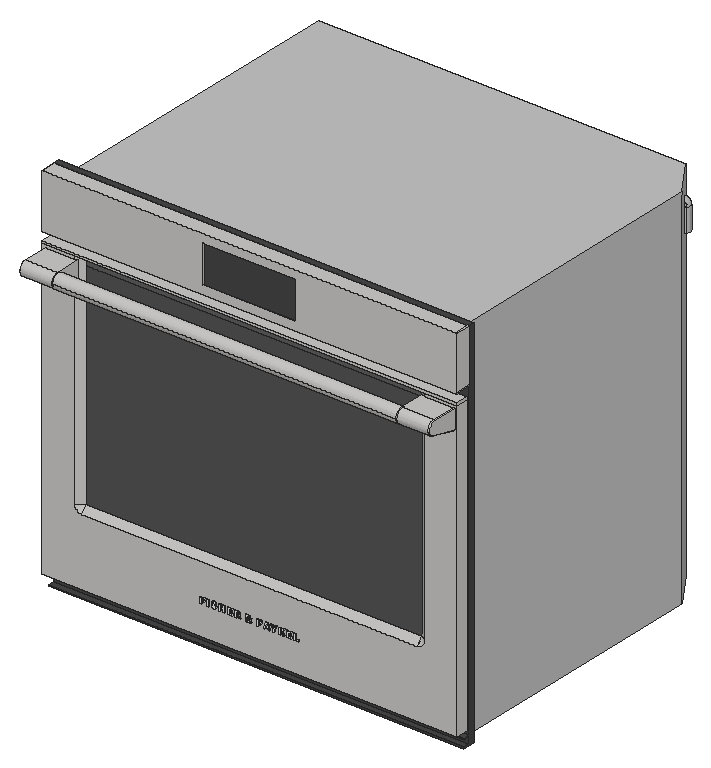
Revit family "FP_Revit_18_OB30SPPTX1_Oven_90000941A", category Specialty Equipment, Revit 2018
Family settings
  Round Connector Dimension = Use Diameter
  Part Type = Normal
  OmniClass Number = 23.40.40.14.17.11
  OmniClass Title = Cookers, Ovens, Stoves
  Work Plane-Based = No
  Always vertical = Yes
  Cut with Voids When Loaded = Yes
  Shared = No
  Room Calculation Point = No
Parameters
  Visibility - Clearance Required = yes
  URL = "www.fisherpaykel.com"
  Product - Width = 760 mm  # constant formula
  Product - Height = 689 mm  # constant formula
  Product - Depth = 665 mm  # constant formula
  Model = "OB30SPPTX1"
  Material - Trim = Fisher & Paykel - Stainless Steel
  Material - Structure = Fisher & Paykel - Black
  Material - Handle = Fisher & Paykel - Stainless Steel
  Material - Glass = Fisher & Paykel - Glass, Black
  Material - Front = Fisher & Paykel - Stainless Steel
  Material - Display Panel = Fisher & Paykel - Black
  Material - Body = Fisher & Paykel - Grey
  Manufacturer = "Fisher & Paykel Appliances"
  FFL Offset [instance] = 167 mm
  Description = "30\" Self Cleaning Oven"
  Connector Note - Electrical = "208 V or 240 V, 16.6 A - 19.4 A"
  Chassis - Width = 719 mm  # constant formula
  Chassis - Height = 675 mm  # constant formula
  Chassis - Depth = 569 mm  # constant formula
  Cavity - Width = 764 mm  # constant formula
  Cavity - Height = 681 mm  # constant formula
  Cavity - Depth = 575 mm  # constant formula
  Cabinet - Height = 693 mm  # constant formula
Reference planes
  plane 1 "Datum": y = 0
  plane 2: z = 0
  plane 3 "Center (Left/Right)": x = 0
  plane 4 "Cavity - Height": z = 848
  plane 5 "Product - Height": z = 856
  plane 6 "Product - Depth": y = 569
  plane 7 "Cavity LHS": x = -382
  plane 8 "Cavity RHS": x = 382
  plane 9 "Cavity - Depth": y = 575
  plane 10 "Front": y = -39
  plane 11 "Cabinet - Height": z = 860
  plane 12 "FFL Offset": z = 167
  plane 13 "Product - LHS": x = -380
  plane 14 "Product - RHS": x = 380
Forms (mm)
  Extrusion 1, solid, material "Fisher & Paykel - Grey" <- "Material - Body"
    sketch origin (0, 0, 0) x (1, 0, 0) y (0, 1, 0)
      loop
        line (-359.5, 0) -> (359.5, 0) -> (359.5, 503) -> (312.691, 569) -> (-359.5, 569) -> (-359.5, 0)
    from 167 to 842
  Extrusion 2, solid, material "Fisher & Paykel - Clearance Required", visible <- "Visibility - Clearance Required", detail levels coarse
    sketch origin (0, 0, 0) x (1, 0, 0) y (0, 1, 0)
      loop
        line (-362, 0) -> (362, 0) -> (362, 575) -> (-362, 575) -> (-362, 0)
    from 167 to 848
  Extrusion 3, solid, material "Fisher & Paykel - Black" <- "Material - Structure"
    sketch origin (0, 0, 0) x (0, 1, 0) y (0, 0, 1)
      loop
        line (-11, 856) -> (-11, 184.834) -> (-21.5, 182.02) -> (-21.254, 181.102) -> (-11, 183.85) -> (-11, 168.95) -> (-22, 168.95) -> (-22, 167) -> (0, 167) -> (0, 856) -> (-11, 856)
    from -380 to 380
  Extrusion 4, solid, material "Fisher & Paykel - Black" <- "Material - Structure"
    sketch origin (0, 0, 0) x (0, 1, 0) y (0, 0, 1)
      loop
        line (-16, 736.583) -> (-16, 193.012) -> (-11, 193.012) -> (-11, 736.583) -> (-16, 736.583)
    from -361 to 361
  Extrusion 5, solid, material "Fisher & Paykel - Clearance Required", visible <- "Visibility - Clearance Required", detail levels coarse
    sketch origin (0, -2000, 0) x (0, 1, 0) y (0, 0, 1)
      loop
        line (1961, 193.012) -> (1961, 738.46)
        arc (1961, 738.46) -> (1576.46, 578.074) -> (1417.33, 193.012) r 545.452
        line (1417.33, 193.012) -> (1961, 193.012)
    from -380 to 380
  Extrusion 6, void
    sketch origin (0, 0, 0) x (1, 0, 0) y (0, 1, 0)
      loop
        line (-362, 575) -> (-362, 0) -> (362, 0) -> (362, 575) -> (-362, 575)
    from 167 to 848
  Extrusion 7, solid, material "Fisher & Paykel - Stainless Steel" <- "Material - Trim", detail levels fine
    sketch origin (0, 0, 0) x (0, 1, 0) y (0, 0, 1)
      loop
        line (-39, 740.583) -> (-39, 736.583) -> (-16, 736.583) -> (-16, 740.583) -> (-39, 740.583)
    from -380 to 380
  Extrusion 8, solid, material "Fisher & Paykel - Stainless Steel" <- "Material - Handle", detail levels medium+fine
    sketch origin (0, -1, 1016.358) x (0, 1, 0) y (0, 0, 1)
      loop
        line (-37, -285.775) -> (-82.175, -285.775)
        arc (-82.175, -285.775) -> (-94.993, -297.067) -> (-85.405, -311.206) r 12.921
        line (-85.405, -311.206) -> (-37, -323.275) -> (-37, -285.775)
    from 314.963 to 374.962
  Extrusion 9, solid, material "Fisher & Paykel - Stainless Steel" <- "Material - Handle", detail levels medium+fine
    sketch origin (0, -1, 1016.358) x (0, 1, 0) y (0, 0, -1)
      loop
        line (-37, 285.775) -> (-37, 323.275) -> (-85.405, 311.206)
        arc (-85.405, 311.206) -> (-94.993, 297.067) -> (-82.175, 285.775) r 12.921
        line (-82.175, 285.775) -> (-37, 285.775)
    from 314.963 to 374.962
  Sweep 10, void
    path in 3D
      loop
        line (374.962, -38, 730.583) -> (374.962, -83.175, 730.583)
        arc (374.962, -83.175, 730.583) -> (374.962, -95.993, 719.291) -> (374.962, -86.405, 705.152) r 12.921
        line (374.962, -86.405, 705.152) -> (374.962, -38, 693.083)
    profile origin (374.962, -60.587, 730.583) x (1, 0, 0) y (0, 0, 1)
      loop
        line (0, 0) -> (-1.5, 0) -> (0, -1.5) -> (0, 0)
  Sweep 11, void
    path in 3D
      loop
        line (-374.962, -38, 693.083) -> (-374.962, -86.405, 705.152)
        arc (-374.962, -86.405, 705.152) -> (-374.962, -95.993, 719.291) -> (-374.962, -83.175, 730.583) r 12.921
        line (-374.962, -83.175, 730.583) -> (-374.962, -38, 730.583)
    profile origin (-374.962, -60.587, 730.583) x (-1, 0, 0) y (0, 0, 1)
      loop
        line (0, 0) -> (-1.5, 0) -> (0, -1.5) -> (0, 0)
  Extrusion 12, solid, material "Fisher & Paykel - Stainless Steel" <- "Material - Front", detail levels fine
    sketch origin (0, -39, 0) x (-1, 0, 0) y (0, 0, 1)
      loop
        line (-380, 736.583) -> (-380, 193.012) -> (380, 193.012) -> (380, 736.583) -> (320.971, 736.583) -> (320.971, 329.683)
        arc (320.971, 329.683) -> (316.87, 319.784) -> (306.971, 315.683) r 14
        line (306.971, 315.683) -> (-307.136, 315.683)
        arc (-307.136, 315.683) -> (-317.035, 319.784) -> (-321.136, 329.683) r 14
        line (-321.136, 329.683) -> (-321.136, 736.583) -> (-380, 736.583)
    from 1 to 23
  Extrusion 13, solid, material "Fisher & Paykel - Stainless Steel" <- "Material - Front", detail levels fine
    sketch origin (0, -39, 0) x (-1, 0, 0) y (0, 0, 1)
      loop
        line (378, 856) -> (-378, 856)
        arc (-378, 856) -> (-379.414, 855.414) -> (-380, 854) r 2
        line (-380, 854) -> (-380, 757.766)
        arc (-380, 757.766) -> (-379.424, 756.376) -> (-378.034, 755.8) r 1.966
        line (-378.034, 755.8) -> (378, 755.8)
        arc (378, 755.8) -> (379.414, 756.386) -> (380, 757.8) r 2
        line (380, 757.8) -> (380, 854)
        arc (380, 854) -> (379.414, 855.414) -> (378, 856) r 2
      loop
        line (84.917, 840.8) -> (-85.154, 840.8) -> (-85.154, 770.8) -> (84.917, 770.8) -> (84.917, 840.8)
    from 0 to 28
  Extrusion 14, solid, material "Fisher & Paykel - Stainless Steel" <- "Material - Handle", detail levels medium+fine
    sketch origin (0, 0, 516.358) x (0, 1, 0) y (0, 0, 1)
      loop
        circle (-83.284, 201.292) r 12.932
    from -314.963 to 314.963
  Sweep 15, solid, material "Fisher & Paykel - Stainless Steel" <- "Material - Front", detail levels fine
    path in 3D
      loop
        line (321.136, -38, 736.583) -> (321.136, -38, 329.683)
        arc (321.136, -38, 329.683) -> (317.035, -38, 319.784) -> (307.136, -38, 315.683) r 14
        line (307.136, -38, 315.683) -> (-306.971, -38, 315.683)
        arc (-306.971, -38, 315.683) -> (-316.87, -38, 319.784) -> (-320.971, -38, 329.683) r 14
        line (-320.971, -38, 329.683) -> (-320.971, -38, 736.583)
    profile origin (-320.971, -38, 533.133) x (0, -1, 0) y (1, 0, 0)
      loop
        line (-10, 0) -> (0, 0) -> (-10, 13.02) -> (-10, 0)
  Extrusion 16, solid, material "Fisher & Paykel - Black" <- "Material - Display Panel", detail levels fine
    sketch origin (0, 0, 0) x (1, 0, 0) y (0, 0, 1)
      loop
        line (-84.917, 840.8) -> (-84.917, 770.8) -> (85.154, 770.8) -> (85.154, 840.8) -> (-84.917, 840.8)
    from 11 to 37
  Extrusion 17, solid, material "Fisher & Paykel - Glass, Black" <- "Material - Glass", detail levels fine
    sketch origin (0, 0, 0) x (1, 0, 0) y (0, 0, 1)
      loop
        line (-320.971, 720.225) -> (-320.971, 315.683) -> (321.136, 315.683) -> (321.136, 720.225) -> (-320.971, 720.225)
    from 16 to 28
  Extrusion 18, solid, material "Fisher & Paykel - Stainless Steel" <- "Material - Handle", detail levels coarse
    sketch origin (0, -1, 16.358) x (0, 1, 0) y (0, 0, 1)
      loop
        line (-37, 714.225) -> (-82.175, 714.225)
        arc (-82.175, 714.225) -> (-94.993, 702.933) -> (-85.405, 688.794) r 12.921
        line (-85.405, 688.794) -> (-37, 676.725) -> (-37, 714.225)
    from -375 to 374.962
  Extrusion 19, solid, material "Fisher & Paykel - Stainless Steel" <- "Material - Front", detail levels coarse+medium
    sketch origin (0, 0, 0) x (0, 1, 0) y (0, 0, 1)
      loop
        line (-16, 736.583) -> (-38, 736.583) -> (-38, 193.012) -> (-16, 193.012) -> (-16, 736.583)
      loop
        line (-11, 856) -> (-39, 856) -> (-39, 755.8) -> (-11, 755.8) -> (-11, 856)
    from -380 to 380
  Extrusion 20, void
    sketch origin (0, 0, 0) x (0, 1, 0) y (0, 0, 1)
      loop
        line (-39, 860) -> (-39, 167) -> (0, 167) -> (0, 860) -> (-39, 860)
    from -382 to 382
Cuts and joins
  Sweep 10 cuts Extrusion 8
  Sweep 11 cuts Extrusion 9
  joined: Extrusion 12, Sweep 15
Lines and regions (mm)
  sketch lines
    curve 1: line (374.962, -38, 730.583) -> (374.962, -83.175, 730.583)
    curve 2: arc (374.962, -86.405, 705.152) -> (374.962, -95.993, 719.291) -> (374.962, -83.175, 730.583) r 12.921
    curve 3: line (374.962, -86.405, 705.152) -> (374.962, -38, 693.083)
    curve 4: line (-374.962, -83.175, 730.583) -> (-374.962, -38, 730.583)
    curve 5: arc (-374.962, -83.175, 730.583) -> (-374.962, -95.993, 719.291) -> (-374.962, -86.405, 705.152) r 12.921
    curve 6: line (-374.962, -38, 693.083) -> (-374.962, -86.405, 705.152)
    curve 7: line (-320.971, -38, 329.683) -> (-320.971, -38, 736.583)
    curve 8: arc (-320.971, -38, 329.683) -> (-316.87, -38, 319.784) -> (-306.971, -38, 315.683) r 14
    curve 9: line (307.136, -38, 315.683) -> (-306.971, -38, 315.683)
    curve 10: line (321.136, -38, 736.583) -> (321.136, -38, 329.683)
    curve 11: arc (307.136, -38, 315.683) -> (317.035, -38, 319.784) -> (321.136, -38, 329.683) r 14
  model lines, style "Fisher & Paykel", detail levels coarse+medium
    curve 12: line (-320.971, -39, 720.225) -> (321.136, -39, 720.225)
    curve 13: line (-320.971, -39, 315.683) -> (-320.971, -39, 720.225)
    curve 14: line (321.136, -39, 315.683) -> (-320.971, -39, 315.683)
    curve 15: line (321.136, -39, 720.225) -> (321.136, -39, 315.683)
  model lines, detail levels coarse+medium
    curve 16: line (-84.917, -39, 840.8) -> (85.154, -39, 840.8)
    curve 17: line (-84.917, -39, 770.8) -> (-84.917, -39, 840.8)
    curve 18: line (85.154, -39, 770.8) -> (-84.917, -39, 770.8)
    curve 19: line (85.154, -39, 840.8) -> (85.154, -39, 770.8)
Text (mm)
  text "Due to ongoing product development, product details are subject to change without notice. \nPlease always refer to www.fisherpaykel.com for the most current product information. \n© Fisher & Paykel 2020" at (41.04, -678.295, 0), in view "Ref. Level (Plan)"
Dimensions and locks
  "Chassis - Depth": plane 1 "Datum" to plane 6 "Product - Depth"
  equal spacing: plane 7 "Cavity LHS", plane 3 "Center (Left/Right)", plane 8 "Cavity RHS"
  "Cavity - Depth": plane 9 "Cavity - Depth" to plane 1 "Datum"
  "Chassis - Width": Extrusion 1 to Extrusion 1
  equal spacing: Extrusion 1, plane 3 "Center (Left/Right)", Extrusion 1
  "FFL Offset": plane 12 "FFL Offset" to level
  "Cavity - Height": plane 4 "Cavity - Height" to plane 12 "FFL Offset"
  "Product - Height": plane 5 "Product - Height" to plane 12 "FFL Offset"
  "Cabinet - Height": plane 11 "Cabinet - Height" to plane 12 "FFL Offset"
  "Chassis - Height": Extrusion 1 to plane 12 "FFL Offset"
  locked: plane 5 "Product - Height" to nested 1 at 102.977
  Extrusion 19 to plane 12 "FFL Offset" = 26.012 mm
  locked: Extrusion 17 to plane 12 "FFL Offset" at 148.683  (x2)
  locked: plane 12 "FFL Offset" to cut or joined group of Extrusion 12, Sweep 15 at 26.012
  locked: nested 2 to plane 12 "FFL Offset" at 80.626
  locked: plane 5 "Product - Height" to cut or joined group of Extrusion 8, Sweep 10 at 125.417  (x2)
  locked: Extrusion 17 to plane 12 "FFL Offset" at 553.225
  locked: plane 5 "Product - Height" to Extrusion 18 sketch curve at 162.917
  locked: plane 5 "Product - Height" to cut or joined group of Extrusion 9, Sweep 11 at 125.417
  locked: plane 5 "Product - Height" to Extrusion 18 at 125.417
  locked: plane 5 "Product - Height" to Extrusion 8 sketch curve at 162.917
  locked: plane 5 "Product - Height" to Extrusion 17 at 135.775
  locked: plane 12 "FFL Offset" to cut or joined group of Extrusion 12, Sweep 15 at 148.683
  locked: plane 12 "FFL Offset" to Extrusion 19 at 26.012
  locked: curve 14 to plane 12 "FFL Offset" at 148.683
  locked: curve 12 to plane 12 "FFL Offset" at 553.225
  locked: curve 18 to plane 12 "FFL Offset" at 603.8
  locked: curve 16 to plane 12 "FFL Offset" at 673.8
  locked: plane 5 "Product - Height" to Extrusion 14 sketch curve at 138.35
  Extrusion 20 to plane 3 "Center (Left/Right)" to Extrusion 20 = 382 mm, 382 mm
  equal spacing: plane 13 "Product - LHS", plane 3 "Center (Left/Right)", plane 14 "Product - RHS"
  "Product - Width": plane 13 "Product - LHS" to plane 14 "Product - RHS"
  plane 6 "Product - Depth" to plane 10 "Front" = 608 mm
  plane 6 "Product - Depth" to Extrusion 14 = 665.217 mm
  "Cavity - Width": plane 7 "Cavity LHS" to plane 8 "Cavity RHS"
  equal spacing: Extrusion 2, plane 3 "Center (Left/Right)", Extrusion 2
  Extrusion 2 to Extrusion 2 = 724 mm
  aligned and locked: level to plane 2
  aligned and locked: plane 4 "Cavity - Height" to Extrusion 2
  aligned and locked: plane 4 "Cavity - Height" to Extrusion 6
  aligned and locked: Extrusion 1 to plane 12 "FFL Offset"
  aligned and locked: Extrusion 7 to cut or joined group of Extrusion 12, Sweep 15
  aligned and locked: plane 12 "FFL Offset" to Extrusion 3 sketch curve
  aligned and locked: Extrusion 3 sketch curve to plane 5 "Product - Height"
  aligned and locked: Extrusion 19 to cut or joined group of Extrusion 12, Sweep 15
  aligned and locked: Extrusion 4 to Extrusion 7
  aligned and locked: cut or joined group of Extrusion 12, Sweep 15 to Extrusion 4
  aligned and locked: Extrusion 5 to Extrusion 4
  aligned and locked: Extrusion 2 to Extrusion 1
  aligned and locked: Extrusion 6 to Extrusion 1
  aligned and locked: plane 5 "Product - Height" to Extrusion 19 sketch curve
  aligned and locked: Extrusion 19 sketch curve to Extrusion 7
  aligned and locked: Extrusion 19 sketch curve to cut or joined group of Extrusion 12, Sweep 15
  aligned and locked: Extrusion 20 sketch curve to plane 11 "Cabinet - Height"
  aligned and locked: Extrusion 6 to Extrusion 20 sketch curve
  aligned and locked: Extrusion 20 to plane 8 "Cavity RHS"
  aligned and locked: plane 7 "Cavity LHS" to Extrusion 20
Automatic sketch dimensions
  plane 1 "Datum" to Extrusion 1 sketch curve = 0 mm
  Extrusion 1 sketch curve to plane 6 "Product - Depth" = 0 mm
  Extrusion 1 sketch curve to plane 6 "Product - Depth" = 66 mm
  plane 1 "Datum" to Extrusion 2 sketch curve = 0 mm
  plane 9 "Cavity - Depth" to Extrusion 2 sketch curve = 0 mm
  plane 1 "Datum" to Extrusion 4 sketch curve = 16 mm
  Extrusion 4 sketch curve to Extrusion 4 sketch curve = 5 mm
  level to Extrusion 4 sketch curve = 193.012 mm
  Extrusion 4 sketch curve to Extrusion 4 sketch curve = 543.572 mm
  plane 1 "Datum" to Extrusion 6 sketch curve = 0 mm
  plane 9 "Cavity - Depth" to Extrusion 6 sketch curve = 0 mm
  Extrusion 8 sketch curve to plane 10 "Front" = 47.405 mm
  Extrusion 8 sketch curve to Extrusion 8 sketch curve = 3.23 mm
  plane 10 "Front" to Extrusion 8 sketch curve = 1 mm
  Extrusion 8 sketch curve to Extrusion 8 sketch curve = 12.069 mm
  Extrusion 8 sketch curve to Extrusion 8 sketch curve = 12.51 mm
  Extrusion 9 sketch curve to plane 10 "Front" = 47.405 mm
  Extrusion 9 sketch curve to Extrusion 9 sketch curve = 3.23 mm
  plane 10 "Front" to Extrusion 9 sketch curve = 1 mm
  Extrusion 9 sketch curve to Extrusion 9 sketch curve = 12.921 mm
  Extrusion 9 sketch curve to Extrusion 9 sketch curve = 37.5 mm
  Sweep 10 sketch curve to profile plane = 0 mm
  profile plane to Sweep 10 sketch curve = 0 mm
  profile plane to Sweep 10 sketch curve = 1.5 mm
  Sweep 10 sketch curve to profile plane = 1.5 mm
  Sweep 11 sketch curve to profile plane = 0 mm  (x2)
  profile plane to Sweep 11 sketch curve = 1.5 mm
  Sweep 11 sketch curve to profile plane = 1.5 mm
  Extrusion 14 sketch curve to plane 10 "Front" = 44.284 mm
  Sweep 15 sketch curve to profile plane = 0 mm  (x2)
  Sweep 15 sketch curve to Sweep 15 sketch curve = 10 mm
  Sweep 15 sketch curve to Sweep 15 sketch curve = 13.02 mm
  Extrusion 16 sketch curve to plane 3 "Center (Left/Right)" = 84.917 mm
  plane 3 "Center (Left/Right)" to Extrusion 16 sketch curve = 85.154 mm
  Extrusion 16 sketch curve to plane 5 "Product - Height" = 85.2 mm
  Extrusion 16 sketch curve to plane 5 "Product - Height" = 15.2 mm
  Extrusion 18 sketch curve to plane 10 "Front" = 47.405 mm
  Extrusion 18 sketch curve to Extrusion 18 sketch curve = 3.23 mm
  plane 10 "Front" to Extrusion 18 sketch curve = 1 mm
  Extrusion 18 sketch curve to Extrusion 18 sketch curve = 12.069 mm
  Extrusion 18 sketch curve to Extrusion 18 sketch curve = 12.51 mm
  level to Extrusion 17 sketch curve = 315.683 mm
  Extrusion 17 sketch curve to Extrusion 17 sketch curve = 404.542 mm
  Extrusion 5 sketch curve to plane 10 "Front" = 0 mm
  level to Extrusion 5 sketch curve = 193.012 mm
  Extrusion 5 sketch curve to Extrusion 5 sketch curve = 543.67 mm
  plane 10 "Front" to Extrusion 5 sketch curve = 1.782 mm
  level to Extrusion 9 sketch curve = 730.583 mm
  Extrusion 7 sketch curve to plane 10 "Front" = 0 mm
  plane 1 "Datum" to Extrusion 7 sketch curve = 16 mm
  Extrusion 7 sketch curve to plane 4 "Cavity - Height" = 111.417 mm
  Extrusion 7 sketch curve to Extrusion 7 sketch curve = 4 mm
  plane 8 "Cavity RHS" to curve 12 = 60.864 mm
  plane 3 "Center (Left/Right)" to curve 18 = 85.154 mm
  curve 16 to plane 3 "Center (Left/Right)" = 84.917 mm
  curve 13 to plane 7 "Cavity LHS" = 61.029 mm
  Extrusion 3 sketch curve to plane 1 "Datum" = 0 mm
  plane 1 "Datum" to Extrusion 3 sketch curve = 11 mm
  Extrusion 3 sketch curve to Extrusion 3 sketch curve = 0 mm
  Extrusion 3 sketch curve to Extrusion 3 sketch curve = 10.254 mm
  plane 12 "FFL Offset" to Extrusion 3 sketch curve = 15.02 mm
  Extrusion 3 sketch curve to Extrusion 3 sketch curve = 0.246 mm
  plane 12 "FFL Offset" to Extrusion 3 sketch curve = 1.95 mm
  Extrusion 3 sketch curve to Extrusion 3 sketch curve = 11 mm
  Extrusion 3 sketch curve to Extrusion 3 sketch curve = 0.918 mm
  Extrusion 19 sketch curve to plane 10 "Front" = 0 mm
  plane 10 "Front" to Extrusion 19 sketch curve = 1 mm
  plane 1 "Datum" to Extrusion 19 sketch curve = 16 mm
  plane 1 "Datum" to Extrusion 19 sketch curve = 11 mm
  Extrusion 19 sketch curve to Extrusion 19 sketch curve = 19.217 mm
  Extrusion 20 sketch curve to plane 10 "Front" = 0 mm
  Extrusion 20 sketch curve to plane 1 "Datum" = 0 mm
  Extrusion 1 sketch curve to plane 7 "Cavity LHS" = 22.5 mm
  Extrusion 2 sketch curve to plane 7 "Cavity LHS" = 20 mm
  Extrusion 6 sketch curve to plane 7 "Cavity LHS" = 20 mm
  Extrusion 17 sketch curve to plane 7 "Cavity LHS" = 61.029 mm
  plane 8 "Cavity RHS" to Extrusion 1 sketch curve = 69.309 mm
  plane 8 "Cavity RHS" to Extrusion 1 sketch curve = 22.5 mm
  plane 8 "Cavity RHS" to Extrusion 2 sketch curve = 20 mm
  plane 8 "Cavity RHS" to Extrusion 6 sketch curve = 20 mm
  plane 8 "Cavity RHS" to Extrusion 17 sketch curve = 60.864 mm
  Extrusion 12 sketch curve to plane 14 "Product - RHS" = 0 mm
  Extrusion 12 sketch curve to plane 13 "Product - LHS" = 0 mm
  plane 8 "Cavity RHS" to Extrusion 12 sketch curve = 60.864 mm
  Extrusion 12 sketch curve to Extrusion 12 sketch curve = 14 mm
  Extrusion 12 sketch curve to plane 7 "Cavity LHS" = 75.029 mm
  Extrusion 12 sketch curve to plane 7 "Cavity LHS" = 61.029 mm
  plane 12 "FFL Offset" to Extrusion 12 sketch curve = 26.012 mm
  plane 12 "FFL Offset" to Extrusion 12 sketch curve = 148.683 mm
  Extrusion 12 sketch curve to plane 4 "Cavity - Height" = 111.417 mm  (x2)
  Extrusion 13 sketch curve to plane 14 "Product - RHS" = 0 mm
  Extrusion 13 sketch curve to plane 5 "Product - Height" = 0 mm
  Extrusion 13 sketch curve to plane 13 "Product - LHS" = 0 mm
  Extrusion 13 sketch curve to Extrusion 13 sketch curve = 1.966 mm
  Extrusion 13 sketch curve to plane 14 "Product - RHS" = 2 mm
  plane 3 "Center (Left/Right)" to Extrusion 13 sketch curve = 85.154 mm
  Extrusion 13 sketch curve to plane 4 "Cavity - Height" = 7.2 mm
  Extrusion 13 sketch curve to plane 3 "Center (Left/Right)" = 84.917 mm
  plane 13 "Product - LHS" to Extrusion 13 sketch curve = 2 mm
  Extrusion 13 sketch curve to Extrusion 13 sketch curve = 2 mm
  Extrusion 13 sketch curve to Extrusion 13 sketch curve = 70 mm
  Extrusion 13 sketch curve to plane 4 "Cavity - Height" = 90.2 mm
  radius of Extrusion 14 sketch curve = 12.932 mm
Nested families
  nested 1: "F&P Inlet Power OB30" at (327.191, 536, 803) x (0.7071, -0.7071, 0) z (0, 0, 1), type "F&P Inlet Power OB30"
  nested 2: "F&P Logo 180mm" at (0, -38, 247.626), type "F&P Logo 180mm"
Connectors
  electrical at (334.648, 543.457, 753.023), driven by "Connector Note - Electrical"
    settings: on nested 1, index 1, voltage 120 V, apparent load 0 VA, apparent load phase1 0 VA, apparent load phase2 0 VA, apparent load phase3 0 VA, power factor 1, load classification "Other", number of poles 2, system type 30, power factor state 1, is connector primary yes, connector utility no, sub classification motor no, connector description "208 V or 240 V, 16.6 A - 19.4 A"
Definition of nested family "F&P Inlet Power OB30"
  Parameters (values of type "F&P Inlet Power OB30")
    URL = "www.fisherpaykel.com"
    Material - Body = none
    Manufacturer = "Fisher & Paykel Appliances"
  Reference planes
    plane 1 "Center (Front/Back)": y = 0
    plane 2: z = 0
    plane 3 "Center (Left/Right)": x = 0
  Forms (mm)
    Extrusion 1, solid, material <- "Material - Body"
      sketch origin (0, 0, 0) x (1, 0, 0) y (0, 0, 1)
        loop
          circle (0, 0) r 14.523
        loop
          circle (0, 0) r 7.273
      from -3.02 to 0
    Sweep 2, solid, material <- "Material - Body"
      path origin (0, 0, 0) x (0, 1, 0) y (0, 0, 1)
        loop
          line (0, 0) -> (2.546, 0)
          arc (2.546, 0) -> (8.203, -2.343) -> (10.546, -8) r 8
          line (10.546, -8) -> (10.546, -49.977)
      profile origin (0, 1.273, 0) x (0, 0, 1) y (1, 0, 0)
        loop
          circle (0, 0) r 7.273
  Dimensions and locks
    aligned and locked: level to plane 2
Definition of nested family "F&P Logo 180mm"
  Parameters (values of type "F&P Logo 180mm")
    URL = "www.fisherpaykel.com"
    Material - Logo = none
    Manufacturer = "Fisher & Paykel Appliances"
  Reference planes
    plane 1 "Center (Front/Back)": y = 0
    plane 2: z = 0
    plane 3 "Center (Left/Right)": x = 0
  Forms (mm)
    Extrusion 1, solid, material <- "Material - Logo", detail levels fine
      sketch origin (0, 0, 0) x (1, 0, 0) y (0, 0, 1)
        loop
          line (-89.993, 0) -> (-87.16, 0) -> (-87.16, 3.848) -> (-82.733, 3.848) -> (-82.733, 6.25) -> (-87.16, 6.25) -> (-87.16, 8.481) -> (-82.344, 8.481) -> (-82.344, 10.872) -> (-89.993, 10.872) -> (-89.993, 0)
        loop
          line (-76.961, 10.872) -> (-76.961, 0) -> (-74.128, 0) -> (-74.128, 10.872) -> (-76.961, 10.872)
        loop
          line (-55.218, 10.872) -> (-55.218, 0) -> (-52.385, 0) -> (-52.385, 4.356) -> (-48.224, 4.356) -> (-48.224, 0) -> (-45.391, 0) -> (-45.391, 10.872) -> (-48.224, 10.872) -> (-48.224, 6.746) -> (-52.385, 6.746) -> (-52.385, 10.872) -> (-55.218, 10.872)
        loop
          line (-39.345, 10.872) -> (-39.345, 0) -> (-31.598, 0) -> (-31.598, 2.391) -> (-36.538, 2.391) -> (-36.538, 4.356) -> (-32.023, 4.356) -> (-32.023, 6.746) -> (-36.538, 6.746) -> (-36.538, 8.64) -> (-31.598, 8.64) -> (-31.598, 10.872) -> (-39.345, 10.872)
        loop
          line (82.287, 10.872) -> (82.287, 0) -> (90.007, 0) -> (90.007, 2.391) -> (85.12, 2.391) -> (85.12, 10.872) -> (82.287, 10.872)
        loop
          line (76.463, 10.872) -> (68.689, 10.872) -> (68.689, 0) -> (76.463, 0) -> (76.463, 2.391) -> (71.522, 2.391) -> (71.522, 4.356) -> (76.037, 4.356) -> (76.037, 6.746) -> (71.522, 6.746) -> (71.522, 8.481) -> (76.463, 8.481) -> (76.463, 10.872)
        loop
          line (60.297, 5.666) -> (64.316, 10.872) -> (61.005, 10.872) -> (57.534, 6.375) -> (57.534, 10.872) -> (54.701, 10.872) -> (54.701, 0) -> (57.534, 0) -> (57.534, 4.87) -> (61.111, 0) -> (64.459, 0) -> (60.297, 5.666)
        loop
          line (39.651, 10.872) -> (43.759, 4.356) -> (43.759, 0) -> (46.592, 0) -> (46.592, 4.214) -> (50.7, 10.872) -> (47.69, 10.872) -> (45.265, 6.673) -> (42.841, 10.872) -> (39.651, 10.872)
        loop
          line (33.348, 10.872) -> (30.656, 10.872) -> (26.229, 0) -> (29.01, 0) -> (29.789, 2.001) -> (34.145, 2.001) -> (34.923, 0) -> (37.775, 0) -> (33.348, 10.872)
        loop
          line (33.206, 4.391) -> (31.934, 7.514) -> (30.719, 4.391) -> (33.206, 4.391)
        loop
          line (14.543, 10.872) -> (14.543, 0) -> (17.376, 0) -> (17.376, 3.488) -> (19.166, 3.488)
          arc (19.166, 3.488) -> (22.857, 7.18) -> (19.166, 10.872) r 3.692
          line (19.166, 10.872) -> (14.543, 10.872)
        loop
          line (17.376, 8.481) -> (17.376, 5.755) -> (18.989, 5.755)
          arc (18.989, 5.755) -> (20.352, 7.118) -> (18.989, 8.481) r 1.363
          line (18.989, 8.481) -> (17.376, 8.481)
        loop
          line (-21.123, 10.872) -> (-25.773, 10.872) -> (-25.773, 0) -> (-22.94, 0) -> (-22.94, 3.027) -> (-21.974, 3.027) -> (-19.664, 0) -> (-16.388, 0) -> (-19.163, 3.551)
          arc (-19.163, 3.551) -> (-17.333, 7.964) -> (-21.123, 10.872) r 3.923
        loop
          line (-21.328, 8.481) -> (-22.94, 8.481) -> (-22.94, 5.495) -> (-21.328, 5.495)
          arc (-21.328, 5.495) -> (-19.835, 6.988) -> (-21.328, 8.481) r 1.493
        loop
          line (0.946, 8.481) -> (0.946, 11.075) -> (-6.349, 11.075) -> (-6.349, 8.732) -> (-5.266, 7.401)
          arc (-5.266, 7.401) -> (-6.232, 1.23) -> (0.006, 0.921) r 4.2
          line (0.006, 0.921) -> (0.756, 0) -> (3.97, 0) -> (1.635, 2.87) -> (3.745, 5.909) -> (0.833, 5.909) -> (0.063, 4.8) -> (-2.932, 8.481) -> (0.946, 8.481)
        loop
          arc (-3.739, 5.523) -> (-3.998, 3.002) -> (-1.476, 2.743) r 1.792
          line (-1.476, 2.743) -> (-3.739, 5.523)
        loop
          line (-63.238, 6.541) -> (-65.642, 7.039)
          arc (-65.642, 7.039) -> (-66.601, 7.998) -> (-65.642, 8.957) r 0.959
          arc (-65.642, 8.957) -> (-63.335, 8.623) -> (-61.22, 7.646) r 8.108
          line (-61.22, 7.646) -> (-61.22, 10.338)
          arc (-61.22, 10.338) -> (-63.902, 11.123) -> (-66.694, 10.996) r 8.507
          arc (-66.694, 10.996) -> (-69.278, 7.803) -> (-66.694, 4.609) r 3.266
          line (-66.694, 4.609) -> (-64.27, 4.107)
          arc (-64.27, 4.107) -> (-63.312, 3.148) -> (-64.271, 2.189) r 0.959
          arc (-64.271, 2.189) -> (-66.577, 2.524) -> (-68.692, 3.501) r 8.108
          line (-68.692, 3.501) -> (-68.692, 0.809)
          arc (-68.692, 0.809) -> (-66.01, 0.023) -> (-63.218, 0.15) r 8.507
          arc (-63.218, 0.15) -> (-60.634, 3.354) -> (-63.238, 6.541) r 3.266
      from 0 to 0.8
  Dimensions and locks
    aligned and locked: level to plane 2
